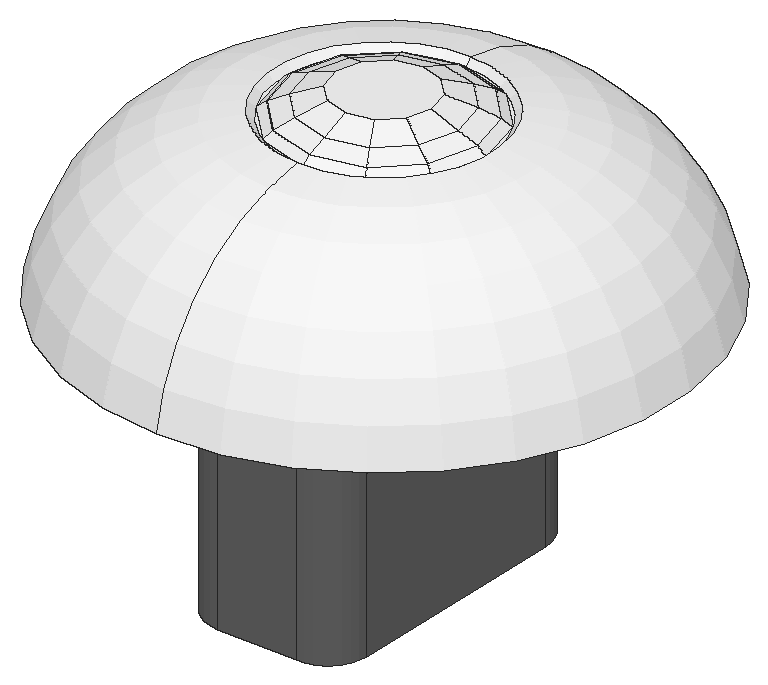
Revit family "OMNIDIABP1277", category Communication Devices, host Face, Revit 2014
Parameters (values of type "OMNIDIABP1277")
  Width = 4.50"
  Warranty = "5-Years Warranty"  # constant formula
  Type Comments = "CEILING MOUNT OCCUPANCY SENSORS"  # constant formula
  Product Page URL = "https://www.hubbell.com/hubbellcontrolsolutions/en/Products/Lighting-Controls/Lighting-Controls-Sensors/Occupancy-Vacancy-Sensors/OMNIDIA-BP/p/220954"
  Product Documentation Link = "https://hubbellcdn.com/specsheet/1404a_omni_bp_dia_cutsheet.pdf"
  URL = "https://www.hubbell.com/hubbellcontrolsolutions/en"
  Power Requirment = "100-277VAC; 50/60Hz Single phase only"
  Output = "24 VDC active high-logic control signal with short circuit protection"
  Mounting = "8 - 12 Feet"
  Model = "OMNIDIABP1277"  # constant formula
  Manufacturer = "Hubbell Control Solutions"  # constant formula
  Sensing Element = Paint - Hubbell - Matte White
  Features = "IntelliDAPT self-adaptive technology—no manual adjustment required \r\nAll-digital dual technology (acoustic and passive infrared [PIR]) sensor \r\nNon-volatile memory for sensor settings \r\n450 square-foot coverage \r\nSelf-contained power supply\r\nUniversal voltage (120-277VAC; 50/60 Hz) \r\nUL and cUL listed \r\nCalifornia Title 24 compliant \r\nFive-year warranty \r\n120-277 Vac\r\n"  # constant formula
  Description = "The OMNIDIABP line voltage ceiling sensor combines passive infrared (PIR) and\r\nacoustic (sound-activated) technologies to turn lighting systems on and off based\r\non occupancy. The OMNIDIABP features Hubbell Controls' patented IntelliDAPT®\r\ntechnology, which makes all the sensor adjustments automatically. "  # constant formula
  Default Elevation = 48.00"
  Coverage = "450 square foot"  # constant formula
  Copyright = "Copyright © 2021 Hubbell Control Solutions"  # constant formula
  Contact Us = "https://www.hubbell.com/hubbellcontrolsolutions/en/contactUs"
  Housing Material = Paint - Hubbell - Matte White
  Certifications = "UL and cUL listed"
  Base = Paint - Hubbell - Carbon Black
  Assembly Code = "D5090"
Reference planes (in)
  plane 1 "Center (Front/Back)": y = 10.63342
  plane 2: z = 0
  plane 3 "Center (Left/Right)": x = 0
  plane 4: x = -2.25
  plane 5: x = 2.25
  plane 6: y = 12.88342
  plane 7: y = 8.38342
  plane 8: z = 1.21
  plane 9: z = 1.45
Forms (in)
  Revolve 1, solid, material "Paint - Hubbell - Matte White" <- "Housing Material"
    sketch origin (0, 10.63342, 0) x (0, 1, 0) y (0, 0, 1)
      loop
        line (0, 0) -> (2.25, 0)
        arc (2.25, 0) -> (1.77747, 0.89375) -> (0.8562, 1.31011) r 1.56
        line (0.8562, 1.31011) -> (0.8049, 1.25881) -> (0, 1.25881) -> (0, 0)
      axis (0, 1.31011) -> (0, 0)
    angle from 0 to 360
  Blend 2, solid, material "Paint - Hubbell - Matte White" <- "Housing Material"
    base sketch origin (0, 0, 0) x (1, 0, 0) y (0, 1, 0)
      loop
        line (0, 11.47897) -> (-0.42278, 11.36569) -> (-0.73227, 11.05619) -> (-0.84555, 10.63342) -> (-0.73227, 10.21064) -> (-0.42278, 9.90115) -> (0, 9.78787) -> (0.42278, 9.90115) -> (0.73227, 10.21064) -> (0.84555, 10.63342) -> (0.73227, 11.05619) -> (0.42278, 11.36569) -> (0, 11.47897)
    top sketch origin (0, 0, 0) x (1, 0, 0) y (0, 1, 0)
      loop
        line (0, 11.36905) -> (-0.36781, 11.27049) -> (-0.63707, 11.00123) -> (-0.73563, 10.63342) -> (-0.63707, 10.26561) -> (-0.36781, 9.99635) -> (0, 9.89779) -> (0.36781, 9.99635) -> (0.63707, 10.26561) -> (0.73563, 10.63342) -> (0.63707, 11.00123) -> (0.36781, 11.27049) -> (0, 11.36905)
    from 1.2286 to 1.31011
  Blend 3, solid, material "Paint - Hubbell - Matte White" <- "Sensing Element"
    base sketch origin (0, 0, 0) x (1, 0, 0) y (0, 1, 0)
      loop
        line (0, 11.36905) -> (-0.36781, 11.27049) -> (-0.63707, 11.00123) -> (-0.73563, 10.63342) -> (-0.63707, 10.26561) -> (-0.36781, 9.99635) -> (0, 9.89779) -> (0.36781, 9.99635) -> (0.63707, 10.26561) -> (0.73563, 10.63342) -> (0.63707, 11.00123) -> (0.36781, 11.27049) -> (0, 11.36905)
    top sketch origin (0, 0, 0) x (1, 0, 0) y (0, 1, 0)
      loop
        line (0, 11.22465) -> (-0.29562, 11.14544) -> (-0.51202, 10.92904) -> (-0.59124, 10.63342) -> (-0.51202, 10.3378) -> (-0.29562, 10.12139) -> (0, 10.04218) -> (0.29562, 10.12139) -> (0.51202, 10.3378) -> (0.59124, 10.63342) -> (0.51202, 10.92904) -> (0.29562, 11.14544) -> (0, 11.22465)
    from 1.31011 to 1.36981
  Blend 4, solid, material "Paint - Hubbell - Matte White" <- "Sensing Element"
    base sketch origin (0, 0, 0) x (1, 0, 0) y (0, 1, 0)
      loop
        line (0, 11.22465) -> (-0.29562, 11.14544) -> (-0.51202, 10.92904) -> (-0.59124, 10.63342) -> (-0.51202, 10.3378) -> (-0.29562, 10.12139) -> (0, 10.04218) -> (0.29562, 10.12139) -> (0.51202, 10.3378) -> (0.59124, 10.63342) -> (0.51202, 10.92904) -> (0.29562, 11.14544) -> (0, 11.22465)
    top sketch origin (0, 0, 0) x (1, 0, 0) y (0, 1, 0)
      loop
        line (0, 11.00934) -> (-0.18796, 10.95897) -> (-0.32556, 10.82138) -> (-0.37592, 10.63342) -> (-0.32556, 10.44546) -> (-0.18796, 10.30786) -> (0, 10.2575) -> (0.18796, 10.30786) -> (0.32556, 10.44546) -> (0.37592, 10.63342) -> (0.32556, 10.82138) -> (0.18796, 10.95897) -> (0, 11.00934)
    from 1.36981 to 1.45
  Extrusion 5, solid, material "Paint - Hubbell - Carbon Black" <- "Base"
    sketch origin (0, 0, 0) x (1, 0, 0) y (0, 1, 0)
      loop
        arc (-0.33554, 11.81597) -> (-0.56347, 11.72156) -> (-0.65788, 11.49362) r 0.32234
        line (-0.65788, 11.49362) -> (-0.65788, 9.73194)
        arc (-0.65788, 9.73194) -> (-0.56335, 9.50373) -> (-0.33514, 9.4092) r 0.32274
        line (-0.33514, 9.4092) -> (0.28585, 9.4092)
        arc (0.28585, 9.4092) -> (0.50241, 9.4989) -> (0.59212, 9.71547) r 0.30627
        line (0.59212, 9.71547) -> (0.59212, 11.48451)
        arc (0.59212, 11.48451) -> (0.49504, 11.71889) -> (0.26066, 11.81597) r 0.33146
        line (0.26066, 11.81597) -> (-0.33554, 11.81597)
    from -1.95 to 0
Cuts and joins
  joined: Revolve 1, Blend 2
  joined: Blend 3, Blend 4
Dimensions and locks (in)
  "Width": plane 4 to plane 5
  "Width": plane 7 to plane 6
  equal spacing: plane 4, plane 3 "Center (Left/Right)", plane 5
  equal spacing: plane 7, plane 1 "Center (Front/Back)", plane 6
  plane 8 to plane 2 = 1.21"
  plane 9 to plane 2 = 1.45"
  plane 9 to host face = 1.45"
  plane 9 to Extrusion 5 = 3.40"
  aligned and locked: plane 2 to host face
  aligned and locked: level to host face
Automatic sketch dimensions
  host sketch curve to host sketch curve = 96.00"  (x2)
  plane 1 "Center (Front/Back)" to Blend 2 sketch curve = 0.00"  (x2)
  Blend 2 sketch curve to plane 3 "Center (Left/Right)" = 0.00"  (x2)
  Blend 2 sketch curve to plane 3 "Center (Left/Right)" = 0.36781"  (x2)
  Blend 2 sketch curve to Blend 2 sketch curve = 0.26926"  (x8)
  Blend 2 sketch curve to Blend 2 sketch curve = 0.09856"  (x4)
  plane 3 "Center (Left/Right)" to Blend 2 sketch curve = 0.36781"  (x2)
  plane 1 "Center (Front/Back)" to Blend 2 sketch curve = 0.36781"  (x2)
  Blend 2 sketch curve to plane 1 "Center (Front/Back)" = 0.36781"  (x2)
  Revolve 1 sketch curve to plane 1 "Center (Front/Back)" = 0.00"  (x2)
  Revolve 1 sketch curve to level = 0.00"
  Revolve 1 sketch curve to plane 6 = 0.00"
  Revolve 1 sketch curve to level = 0.24293"
  Revolve 1 sketch curve to plane 1 "Center (Front/Back)" = 0.70903"
  Revolve 1 sketch curve to plane 8 = 0.04881"
  Revolve 1 sketch curve to Revolve 1 sketch curve = 0.8049"
  Revolve 1 sketch curve to plane 8 = 0.10011"
  Revolve 1 sketch curve to Revolve 1 sketch curve = 23.75707"
  Revolve 1 sketch curve to plane 9 = 54.02668"
  Extrusion 5 sketch curve to plane 3 "Center (Left/Right)" = 0.65788"
  Extrusion 5 sketch curve to Extrusion 5 sketch curve = 0.32234"
  Extrusion 5 sketch curve to Extrusion 5 sketch curve = 0.32274"
  plane 3 "Center (Left/Right)" to Extrusion 5 sketch curve = 0.26066"
  plane 3 "Center (Left/Right)" to Extrusion 5 sketch curve = 0.28585"
  Extrusion 5 sketch curve to Extrusion 5 sketch curve = 0.30627"
  Extrusion 5 sketch curve to plane 7 = 1.02578"
  Extrusion 5 sketch curve to plane 1 "Center (Front/Back)" = 0.85109"
Connectors (in)
  electrical at (0, 10.63342, 0)
    settings: on cut or joined group of Revolve 1, Blend 2, index 1, voltage 0 V, apparent load 0 VA, apparent load phase1 0 VA, apparent load phase2 0 VA, apparent load phase3 0 VA, power factor 1, load classification "Other", number of poles 1, system type 14, power factor state 1, is connector primary yes, connector utility no, sub classification motor no, connector description "Occupancy Sensor"
